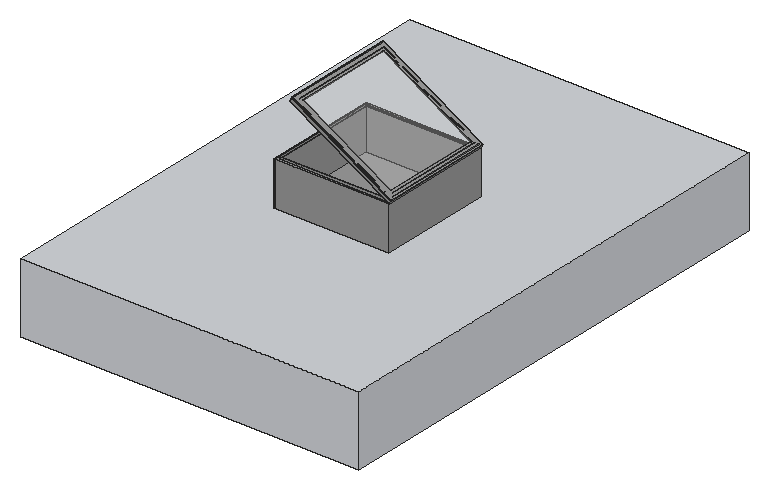
Revit family "Hager-Orion_Inox-IP66-D210-Cl.I-Inox_encl-630A-500mm-CH-en", category Equipement électrique, Revit 2020
Family settings
  Hôte = Face
  Configuration du panneau = Deux colonnes, circuits au sein
  Cote de connecteur circulaire = Utiliser le diamètre
  Type d'élément = Tableau de raccordement
  Couper avec des vides une fois chargée = Non
  Partagée = Non
  Point de calcul de pièce = Non
Parameters (values of type "Surface mounted (plaster) IP66 W500 H500 D210  - FL023TWL")
  Width Control [instance] = if([EF000008 - Width] > Min Width, [EF000008 - Width], Min Width)  # 500 mm
  Commentaires du type = [HG000003 - Range]  # "Orion Inox"
  Thickness Door [instance] = if([EF009171 - Material plate thickness door/cover] > 3 mm, 3 mm, [EF009171 - Material plate thickness door/cover])  # 1.5 mm
  Seal Frame Offset [instance] = 17 mm  # constant formula
  Model = ""
  Min Width [instance] = 100 mm  # constant formula
  Min Height [instance] = 100 mm  # constant formula
  Min Depth [instance] = (2 * [EF009170 - Material plate thickness cabinet]) + 1 mm  # 4 mm
  Internal Frame Depth [instance] = (Door System Depth * 0.5)  # 9 mm
  Height Control [instance] = if([EF000040 - Height] > Min Height, [EF000040 - Height], Min Height)  # 500 mm
  HG000027 - Plinth height = 0 mm
  HG000026 - Floor standing = no
  HG000024 - Bottom section height = 800 mm
  HG000023 - Double section enclosure = no
  HG000016 - Door 3d visibility [instance] = yes
  HG000015 - Clearance visibility [instance] = no
  HG000014 - Door on the right [instance] = yes
  HG000013 - Door on the left [instance] = not([HG000014 - Door on the right])  # no
  HG000012 - Door swing angle [instance] = 30.00°
  HG000010 - Asymmetric doors = no
  HG000009 - Double swing door = no
  HG000006 - Flush mounted = no
  HG000004 - Manufacturer reference = "FL023TWL"
  HG000003 - Range = "Orion Inox"
  HG000002 - With door or cover = yes
  Frame Offset Bottom [instance] = 10 mm  # constant formula
  Frame Offset [instance] = 15 mm  # constant formula
  EF015940 - Cover with overpressure release = no
  EF011959 - Degree of protection (NEMA) = ""
  EF009554 - Number of openings for flange plates = 0
  EF009212 - Cover model = "EV000116 - Closed"
  EF009171 - Material plate thickness door/cover = 1.5 mm
  EF009170 - Material plate thickness cabinet = 1.5 mm
  Fabricant = "Hager"  # constant formula
  EF008873 - Nominal current (In) = 630 A
  EF007800 - Suitable for lightning protection = no
  EF006306 - With lock = yes
  EF006244 - Transparent cover/door = yes
  EF005474 - Degree of protection (IP) = "EV006422 - IP66"
  EF004464 - Type of door = "EV002646 - Single"
  EF004427 - Number of modules = 0
  EF004293 - Impact strength = "EV006814 - IK08"
  EF003532 - Suitable for outdoor use = yes
  EF002950 - Width in number of modular spacings = 0
  EF001613 - Circuit integrity = "EV000494 - None"
  EF001596 - Material housing = "EV000166 - Stainless steel"
  EF001131 - Internal depth = 176 mm
  EF001088 - Extension possible = yes
  EF000437 - Number of conduit inlets = 0
  EF000339 - Type of cover = "EV004216 - Door"
  EF000266 - Number of rows = 0
  EF000218 - Built-in depth = 0 mm
  EF000118 - With mounting plate = no
  EF000116 - RAL-number = ""
  EF000049 - Depth = 210 mm
  EF000040 - Height = 500 mm
  EF000008 - Width = 500 mm
  EF000007 - Colour = "EV000154 - Other"
  EF000003 - Mounting method = "EV000384 - Surface mounted (plaster)"
  Door System Leaf Tolerance [instance] = 1.5 mm  # constant formula
  Door System Depth [instance] = 18 mm  # constant formula
  Depth Control [instance] = if([EF000049 - Depth] > Min Depth, [EF000049 - Depth], Min Depth)  # 210 mm
  Default Elevation = 0 mm
Types (8, lengths in mm): name | Width Control | HG000004 - Manufacturer reference | EF009212 - Cover model | EF006306 - With lock | EF006244 - Transparent cover/door | EF004293 - Impact strength | EF001613 - Circuit integrity | EF000008 - Width
  Surface mounted (plaster) IP66 W400 H500 D210  - FL021BW | 400 | "FL021BW" | "EV009916 - With notch" | no | no | "EV008784 - IK10" | "" | 400
  Surface mounted (plaster) IP66 W400 H500 D210  - FL021BWL | 400 | "FL021BWL" | "EV009916 - With notch" | no | no | "EV008784 - IK10" | "" | 400
  Surface mounted (plaster) IP66 W400 H500 D210  - FL021TW | 400 | "FL021TW" | "EV000116 - Closed" | yes | yes | "EV006814 - IK08" | "EV000494 - None" | 400
  Surface mounted (plaster) IP66 W400 H500 D210  - FL021TWL | 400 | "FL021TWL" | "EV000116 - Closed" | yes | yes | "EV006814 - IK08" | "EV000494 - None" | 400
  Surface mounted (plaster) IP66 W500 H500 D210  - FL023BW | 500 | "FL023BW" | "EV000116 - Closed" | yes | no | "EV008784 - IK10" | "EV000494 - None" | 500
  Surface mounted (plaster) IP66 W500 H500 D210  - FL023BWL | 500 | "FL023BWL" | "EV000116 - Closed" | yes | no | "EV008784 - IK10" | "EV000494 - None" | 500
  Surface mounted (plaster) IP66 W500 H500 D210  - FL023TW | 500 | "FL023TW" | "EV000116 - Closed" | yes | yes | "EV006814 - IK08" | "EV000494 - None" | 500
  Surface mounted (plaster) IP66 W500 H500 D210  - FL023TWL | 500 | "FL023TWL" | "EV000116 - Closed" | yes | yes | "EV006814 - IK08" | "EV000494 - None" | 500
Reference planes
  plane 1 "Center (Front/Back)": y = 0
  plane 2: z = 0
  plane 3 "Center (Left/Right)": x = 0
  plane 4: z = 210
  plane 5: y = 1.5
  plane 6: y = 250
  plane 7: y = 0
  plane 8: y = 500
  plane 9: z = 0
  plane 10: x = -235
  plane 11: x = 235
  plane 12: x = 233.5
  plane 13: x = -233.5
  plane 14: y = 498.5
  plane 15: x = -233
  plane 16: x = -250
  plane 17: x = 233
  plane 18: x = 250
  plane 19: x = 248.5
  plane 20: x = -248.5
  plane 21: y = 11.5
  plane 22: y = 500
  plane 23: y = 483.5
  plane 24: z = 192
  plane 25: z = 1.5
  plane 26: z = 190.5
  plane 27: z = 208.5
Forms (mm)
  Extrusion 1, solid
    sketch origin (0, 0, 0) x (1, 0, 0) y (0, 1, 0)
      loop
        line (-702.964, 1305) -> (-702.964, -811.445) -> (766.763, -811.445) -> (766.763, 1305) -> (-702.964, 1305)
    from 0 to -304.8
  Extrusion 2, solid, material "Hager_Stainless_Steel", detail levels medium+fine
    sketch origin (0, 0, 0) x (1, 0, 0) y (0, 1, 0)
      loop
        line (-250, 0) -> (250, 0) -> (250, 500) -> (-250, 500) -> (-250, 0)
    from 0 to 192
  Extrusion 3, solid, material "Hager_Steel_RAL 7035_Light_Grey", not visible, detail levels medium+fine
    sketch origin (0, 28.16, 50.802) x (0, 1, 0) y (0, 0, 1)
      loop
        line (273.34, -50.802) -> (273.34, 147.698)
        arc (273.34, 147.698) -> (270.411, 154.769) -> (263.34, 157.698) r 10
        line (263.34, 157.698) -> (233.34, 157.698) -> (233.34, -50.802) -> (273.34, -50.802)
    from -248.5 to 248.5
  Extrusion 4, void
    sketch origin (0, 0, 0) x (1, 0, 0) y (0, 1, 0)
      loop
        line (-248.5, 1.5) -> (248.5, 1.5) -> (248.5, 498.5) -> (-248.5, 498.5) -> (-248.5, 1.5)
    from 1.5 to 190.5
  Extrusion 5, void
    sketch origin (-381.607, -4572, 192) x (0, -1, 0) y (-1, 0, 0)
      loop
        line (-4583.5, -148.107) -> (-5055.5, -148.107) -> (-5055.5, -615.107) -> (-4583.5, -615.107) -> (-4583.5, -148.107)
    from 0 to 1.5 <- "EF009170 - Material plate thickness cabinet"
  Extrusion 6, solid, material "Hager_Stainless_Steel", detail levels fine
    sketch origin (-381.607, -4572, 192) x (-1, 0, 0) y (0, -1, 0)
      loop
        line (-148.107, -4583.5) -> (-615.107, -4583.5) -> (-615.107, -5055.5) -> (-148.107, -5055.5) -> (-148.107, -4583.5)
      loop
        line (-147.107, -4582) -> (-616.107, -4582) -> (-616.107, -5057) -> (-147.107, -5057) -> (-147.107, -4582)
    from 0 to 9 <- "Internal Frame Depth"
  Extrusion 7, solid, material "Hager_Stainless_Steel", detail levels coarse
    sketch origin (0, 0, 0) x (1, 0, 0) y (0, 1, 0)
      loop
        line (-250, 0) -> (250, 0) -> (250, 500) -> (-250, 500) -> (-250, 0)
    from 0 to 210
Cuts and joins
  Extrusion 4, Extrusion 5 cuts Extrusion 2
Lines and regions (mm)
  Masking region 1
    outline origin (0, 0, 0) x (1, 0, 0) y (0, 0, 1)
      loop
        line (-250, 210) -> (-250, 0) -> (250, 0) -> (250, 210) -> (-250, 210)
  Masking region 2, detail levels medium+fine
    outline origin (0, 140, 0) x (0, 1, 0) y (0, 0, 1)
      loop
        line (-140, 0) -> (360, 0) -> (360, 192) -> (-140, 192) -> (-140, 0)
  Masking region 3, not visible, detail levels medium+fine
    outline origin (0, 297.922, 0) x (0, 1, 0) y (0, 0, 1)
      loop
        line (-36.422, 0) -> (3.578, 0) -> (3.578, 198.5)
        arc (3.578, 198.5) -> (0.649, 205.571) -> (-6.422, 208.5) r 10
        line (-6.422, 208.5) -> (-36.422, 208.5) -> (-36.422, 0)
  Masking region 4, detail levels coarse
    outline origin (0, 0, 180) x (0, 1, 0) y (0, 0, 1)
      loop
        line (0, -180) -> (500, -180) -> (500, 30) -> (0, 30) -> (0, -180)
  Masking region 5
    outline origin (-381.607, -4572, 192) x (-1, 0, 0) y (0, -1, 0)
      loop
        line (-131.607, -5072) -> (-131.607, -4572) -> (-631.607, -4572) -> (-631.607, -5072) -> (-131.607, -5072)
Dimensions and locks
  "Depth Control": plane 4 to Extrusion 1
  "EF009170 - Material plate thickness cabinet": plane 5 to plane 7
  locked: connector elem to plane 3 "Center (Left/Right)"
  equal spacing: plane 8, plane 6, plane 7
  locked: connector elem to plane 6
  "EF009170 - Material plate thickness cabinet": plane 8 to plane 14
  "EF009170 - Material plate thickness cabinet": plane 10 to plane 13
  "EF009170 - Material plate thickness cabinet": plane 12 to plane 11
  "Frame Offset": plane 20 to plane 13
  "Frame Offset": plane 12 to plane 19
  "EF009170 - Material plate thickness cabinet": plane 16 to plane 20
  "EF009170 - Material plate thickness cabinet": plane 19 to plane 18
  "Seal Frame Offset": plane 16 to plane 15
  "Seal Frame Offset": plane 17 to plane 18
  "Frame Offset Bottom": plane 21 to plane 5
  "Frame Offset": plane 14 to plane 23
  equal spacing: plane 16, plane 3 "Center (Left/Right)", plane 18
  "Width Control": plane 16 to plane 18
  "EF009170 - Material plate thickness cabinet": plane 4 to plane 27
  "EF009170 - Material plate thickness cabinet": plane 24 to plane 26
  "EF009170 - Material plate thickness cabinet": plane 25 to level
  "Door System Depth": plane 4 to plane 24
  "Height Control": plane 1 "Center (Front/Back)" to Extrusion 7 sketch curve
  "Height Control": Masking region 4 sketch curve to plane 1 "Center (Front/Back)"
  "Thickness Door": Extrusion 6 sketch curve to plane 15
  "Thickness Door": plane 21 to Extrusion 6 sketch curve
  "Thickness Door": plane 17 to Extrusion 6 sketch curve
  "Thickness Door": Extrusion 6 sketch curve to plane 23
  "Height Control": plane 1 "Center (Front/Back)" to plane 22
  radius of Masking region 3 sketch curve = 10 mm
  radius of Extrusion 3 sketch curve = 10 mm
  aligned and locked: plane 2 to Extrusion 1
  aligned and locked: level to Extrusion 1
  aligned and locked: level to Masking region 1 sketch curve
  aligned and locked: Masking region 1 sketch curve to plane 18
  aligned and locked: Masking region 1 sketch curve to plane 16
  aligned and locked: plane 7 to Masking region 2 sketch curve
  aligned and locked: level to Masking region 3 sketch curve
  aligned and locked: Masking region 3 sketch curve to plane 27
  aligned and locked: level to Masking region 2 sketch curve
  aligned and locked: Extrusion 2 sketch curve to plane 7
  aligned and locked: plane 16 to Extrusion 2 sketch curve
  aligned and locked: plane 18 to Extrusion 2 sketch curve
  aligned and locked: Extrusion 3 sketch curve to level
  aligned and locked: plane 27 to Extrusion 3 sketch curve
  aligned and locked: plane 20 to Extrusion 3
  aligned and locked: plane 19 to Extrusion 3
  aligned and locked: plane 20 to Extrusion 4 sketch curve
  aligned and locked: plane 19 to Extrusion 4 sketch curve
  aligned and locked: Extrusion 4 sketch curve to plane 5
  aligned and locked: Extrusion 4 to plane 25
  aligned and locked: plane 26 to Extrusion 4
  aligned and locked: plane 24 to Extrusion 2
  aligned and locked: Extrusion 5 sketch curve to plane 21
  aligned and locked: Extrusion 5 sketch curve to plane 13
  aligned and locked: Extrusion 5 sketch curve to plane 12
  aligned and locked: plane 18 to Extrusion 7 sketch curve
  aligned and locked: plane 1 "Center (Front/Back)" to Extrusion 7 sketch curve
  aligned and locked: plane 16 to Extrusion 7 sketch curve
  aligned and locked: plane 4 to Extrusion 7
  aligned and locked: Extrusion 7 to level
  aligned and locked: level to Masking region 4 sketch curve
  aligned and locked: Masking region 4 sketch curve to plane 1 "Center (Front/Back)"
  aligned and locked: Masking region 4 sketch curve to plane 4
  aligned and locked: nested 1 to level
  aligned and locked: nested 1 to plane 16
  aligned and locked: plane 8 to Extrusion 2 sketch curve
  aligned and locked: plane 23 to Extrusion 5 sketch curve
  aligned and locked: plane 14 to Extrusion 4 sketch curve
  aligned and locked: Extrusion 6 sketch curve to plane 21
  aligned and locked: plane 13 to Extrusion 6 sketch curve
  aligned and locked: plane 23 to Extrusion 6 sketch curve
  aligned and locked: plane 12 to Extrusion 6 sketch curve
  aligned and locked: Masking region 2 sketch curve to plane 8
  aligned and locked: Masking region 2 sketch curve to plane 24
  aligned and locked: nested 2 to plane 3 "Center (Left/Right)"
  aligned and locked: nested 2 to plane 24
  aligned and locked: Masking region 5 sketch curve to plane 1 "Center (Front/Back)"
  aligned and locked: Masking region 5 sketch curve to plane 18
  aligned and locked: Masking region 5 sketch curve to plane 22
  aligned and locked: Masking region 5 sketch curve to plane 16
  aligned and locked: plane 8 to plane 22
  aligned and locked: plane 7 to plane 1 "Center (Front/Back)"
  aligned and locked: nested 2 to plane 1 "Center (Front/Back)"
Automatic sketch dimensions
  Extrusion 1 sketch curve to Extrusion 1 sketch curve = 1469.727 mm
  Extrusion 1 sketch curve to Extrusion 1 sketch curve = 2116.445 mm
  plane 6 to Masking region 3 sketch curve = 11.5 mm
  Masking region 3 sketch curve to Masking region 3 sketch curve = 30 mm
  plane 6 to Extrusion 3 sketch curve = 11.5 mm
  Extrusion 3 sketch curve to Extrusion 3 sketch curve = 30 mm
  Masking region 1 sketch curve to plane 4 = 0 mm
Nested families
  nested 1: "Hager_Enclosure_Symbol" at (-250, 0, 0) x (1, 0, 0) z (0, -1, 0), Height <- "Depth Control", Width <- "Width Control", type "Hager_Enclosure_Symbol"
    with Width_Ctrl 500 mm, Width 500 mm, Height_Ctrl 210 mm, Height 210 mm, A_Width_Int 13.781 mm, A_Width 165.375 mm, A_Height_Ctrl 183.75 mm, A_Height 183.75 mm
  nested 2: "EC000058_OrionInox_Door" at (0, 500, 192) x (1, 0, 0) z (0, -1, 0), Leaf_Tolerance <- "Door System Leaf Tolerance", Angle <- "HG000012 - Door swing angle", Door_Depth <- "Door System Depth", Door_Left <- "HG000013 - Door on the left", Transparent <- "EF006244 - Transparent cover/door", Assymetrical <- "HG000010 - Asymmetric doors", Width <- "Width Control", Clearance <- "HG000015 - Clearance visibility", Double <- "HG000009 - Double swing door", 3d_Door <- "HG000016 - Door 3d visibility", Width_Ctrl <- "Width Control", Door_Right <- "HG000014 - Door on the right", Door <- "HG000002 - With door or cover", Height <- "Height Control", Thickness <- "Thickness Door", type "EC000058_OrionInox_Door", detail levels medium+fine
    with min_wh 4 mm, Width_Ctrl 500 mm, Width 500 mm, Transparent yes, Thickness 1.5 mm, Seal_Material Hager_Rubber, Leaf_Width 500 mm, Leaf_Tolerance_External_Sides 0 mm, Leaf_Tolerance 1.5 mm, Leaf_Offset 0 mm, Leaf_Height 497 mm, Leaf_2_Width 500 mm, Leaf_2_Offset 250 mm, Leaf_1_Width 500 mm, Leaf_1_Offset 250 mm, Height_Ctrl 500 mm, Height 500 mm, Glass_Material Hager_Glass, Double_Clearance_Ctrl no, Double no, Door_Right_Ctrl yes, Door_Right yes, Door_Material Hager_Stainless_Steel, Door_Left_Ctrl no, Door_Left no, Door_Depth 18 mm, Door yes, Clearance_Material Hager_Clearance, Clearance_Depth 500 mm, Clearance_Ctrl no, Clearance no, Assymetrical no, Angle 30.00°, 3d_Door yes
Connectors
  electrical at (0, 250, 0)
    settings: on plane 9, index 1, voltage 0 V, apparent load 0 VA, apparent load phase1 0 VA, apparent load phase2 0 VA, apparent load phase3 0 VA, power factor 1, load classification "Other", number of poles 1, system type 30, power factor state 1, is connector primary yes, connector utility no, sub classification motor no, connector description ""
Definition of nested family "EC000058_OrionInox_Door"
  Parameters (values of type "EC000058_OrionInox_Door")
    min_wh [instance] = (2 * Thickness) + 1 mm  # 11 mm
    Width_Ctrl [instance] = 400 mm
    Width [instance] = 500 mm
    Transparent [instance] = yes
    Thickness [instance] = 5 mm
    Seal_Material [instance] = none
    Leaf_Width [instance] = if((Width_Ctrl - 2 * Leaf_Tolerance_External_Sides) > 0 mm, (Width_Ctrl - 2 * Leaf_Tolerance_External_Sides), min_wh)  # 400 mm
    Leaf_Tolerance_External_Sides [instance] = 0 mm  # constant formula
    Leaf_Tolerance [instance] = 1.5 mm
    Leaf_Offset [instance] = 0 mm  # constant formula
    Leaf_Height [instance] = if((Height_Ctrl - 2 * Leaf_Tolerance) > 0 mm, (Height_Ctrl - 2 * Leaf_Tolerance), min_wh)  # 497 mm
    Leaf_2_Width [instance] = if(and(and(Double, Assymetrical), Door_Left), (Leaf_Width / 3) - (Leaf_Tolerance / 2), if(and(and(Double, Assymetrical), Door_Right), (Leaf_Width / 3) * 2 - (Leaf_Tolerance / 2), if(and(Double, not(Assymetrical)), (Leaf_Width / 2) - Leaf_Tolerance, Leaf_Width)))  # 400 mm
    Leaf_2_Offset [instance] = if(and(Double, Assymetrical), Leaf_2_Width / 2, if(and(Double, not(Assymetrical)), Leaf_Width / 4, Leaf_Width / 2))  # 200 mm
    Leaf_1_Width [instance] = if(and(and(Double, Assymetrical), Door_Right), (Leaf_Width / 3) - (Leaf_Tolerance / 2), if(and(and(Double, Assymetrical), Door_Left), (Width / 3) * 2 - (Leaf_Tolerance / 2), if(and(Double, not(Assymetrical)), (Leaf_Width / 2) - Leaf_Tolerance, Leaf_Width)))  # 400 mm
    Leaf_1_Offset [instance] = if(and(Double, Assymetrical), Leaf_1_Width / 2, if(and(Double, not(Assymetrical)), Leaf_Width / 4, Leaf_Width / 2))  # 200 mm
    Height_Ctrl [instance] = if(Height > min_wh, Height, min_wh)  # 500 mm
    Height [instance] = 500 mm
    Glass_Material [instance] = none
    Double_Clearance_Ctrl [instance] = and(Double, Clearance)  # no
    Double [instance] = no
    Door_Right_Ctrl [instance] = and(or(Door_Right, Double), Door)  # yes
    Door_Right [instance] = yes
    Door_Material [instance] = none
    Door_Left_Ctrl [instance] = and(or(Door_Left, Double), Door)  # no
    Door_Left [instance] = no
    Door_Depth [instance] = 30 mm
    Door [instance] = yes
    Default Elevation = 1219.2 mm
    Clearance_Material [instance] = none
    Clearance_Depth [instance] = if(Leaf_1_Width > Leaf_2_Width, Leaf_1_Width, Leaf_2_Width)  # 400 mm
    Clearance_Ctrl [instance] = and(not(Double), Clearance)  # yes
    Clearance [instance] = yes
    Assymetrical [instance] = yes
    Angle [instance] = 30.00°
    3d_Door [instance] = yes
  Reference planes
    plane 1 "Center (Front/Back)": y = 0
    plane 2 "Bottom": z = 0
    plane 3 "Center (Left/Right)": x = 0
    plane 4: z = 500
    plane 5: x = -200
    plane 6: x = 200
    plane 7: z = 500
    plane 8: x = -200
    plane 9: z = 0
    plane 10: x = 200
    plane 11: y = 0
    plane 12: z = 1.5
    plane 13: x = -600
    plane 14: y = -400
    plane 15: x = 600
    plane 16: x = 0
    plane 17: x = 0
    plane 18: x = -200
    plane 19: x = 200
    plane 20: z = 498.5
  Forms (mm)
    Extrusion 1, solid, material <- "Clearance_Material", visible <- "Double_Clearance_Ctrl"
      sketch origin (1200, 0, 0) x (1, 0, 0) y (0, 0, -1)
        loop
          line (-1800, -498.5) -> (-600, -498.5) -> (-600, 0) -> (-1800, 0) -> (-1800, -498.5)
      from 0 to -400
  Dimensions and locks
    equal spacing: plane 5, plane 3 "Center (Left/Right)", plane 6
    "Width_Ctrl": plane 5 to plane 6
    "Leaf_Offset": plane 5 to plane 8
    "Leaf_Offset": plane 6 to plane 10
    "Leaf_Offset": plane 9 to level
    "Leaf_Offset": plane 4 to plane 7
    "Height_Ctrl": plane 4 to level
    "Leaf_Tolerance": plane 12 to plane 9
    locked: plane 11 to plane 1 "Center (Front/Back)"
    "Leaf_1_Offset": plane 18 to plane 16
    "Leaf_2_Offset": plane 17 to plane 19
    "Leaf_1_Width": plane 13 to plane 8
    "Leaf_2_Width": plane 10 to plane 15
    "Clearance_Depth": plane 14 to plane 1 "Center (Front/Back)"
    "Leaf_Tolerance_External_Sides": plane 8 to plane 18
    "Leaf_Tolerance_External_Sides": plane 19 to plane 10
    "Leaf_Tolerance": plane 7 to plane 20
    aligned and locked: level to plane 2 "Bottom"
    aligned and locked: nested 1 to plane 16
    aligned and locked: nested 2 to plane 17
    aligned and locked: Extrusion 1 to plane 13
    aligned and locked: plane 15 to Extrusion 1
    aligned and locked: Extrusion 1 to plane 14
    aligned and locked: plane 12 to nested 1
    aligned and locked: nested 2 to plane 12
    aligned and locked: Extrusion 1 to plane 11
    aligned and locked: plane 20 to Extrusion 1
    aligned and locked: nested 2 to plane 11
    aligned and locked: nested 1 to plane 11
  Automatic sketch dimensions
    Extrusion 1 sketch curve to level = 0 mm
    plane 5 to Extrusion 1 sketch curve = 400 mm
    plane 6 to Extrusion 1 sketch curve = 400 mm
    Extrusion 1 sketch curve to plane 4 = 1.5 mm
  Nested families
    nested 1: "EC000058_OrionInox_Door_Leaf" at (0, 0, 1.5), Width <- "Leaf_1_Width", visible <- "Door_Left_Ctrl", Leaf_Height <- "Leaf_Height", Angle <- "Angle", 3d_Door <- "3d_Door", Transparent <- "Transparent", Clearance Material <- "Clearance_Material", Clearance <- "Clearance_Ctrl", Door_Material <- "Door_Material", Glass_Material <- "Glass_Material", Door_Depth <- "Door_Depth", Seal_Material <- "Seal_Material", Thickness <- "Thickness", type "EC000058_OrionInox_Door_Leaf"
      with Width 400 mm, Transparent_Ctrl yes, Transparent yes, Thickness 5 mm, Standard no, Seal_Material none, Seal_D2 8 mm, Seal_D1 1 mm, Offset_Internal_Frame 10 mm, Lock_Width 28 mm, Lock_Thickness 2 mm, Lock_Radius 6 mm, Leaf_Height 497 mm, Internal_Seal_Thickness 8 mm, Internal_Seal_Depth_2 4.5 mm, Internal_Frame_Depth 25 mm, Glass_Thickness -1 mm, Glass_Offset -2 mm, Glass_Material none, Door_Material none, Door_Depth 30 mm, Clearance Material none, Clearance yes, Angle_Ctrl 30.00°, Angle 30.00°, 3d_Door yes
    nested 2: "EC000058_OrionInox_Door_Leaf" at (0, 0, 1.5) x (-1, 0, 0) z (0, 0, 1), Width <- "Leaf_2_Width", visible <- "Door_Right_Ctrl", Leaf_Height <- "Leaf_Height", Angle <- "Angle", 3d_Door <- "3d_Door", Transparent <- "Transparent", Clearance Material <- "Clearance_Material", Clearance <- "Clearance_Ctrl", Door_Material <- "Door_Material", Glass_Material <- "Glass_Material", Door_Depth <- "Door_Depth", Seal_Material <- "Seal_Material", Thickness <- "Thickness", type "EC000058_OrionInox_Door_Leaf"
      with Width 400 mm, Transparent_Ctrl yes, Transparent yes, Thickness 5 mm, Standard no, Seal_Material none, Seal_D2 8 mm, Seal_D1 1 mm, Offset_Internal_Frame 10 mm, Lock_Width 28 mm, Lock_Thickness 2 mm, Lock_Radius 6 mm, Leaf_Height 497 mm, Internal_Seal_Thickness 8 mm, Internal_Seal_Depth_2 4.5 mm, Internal_Frame_Depth 25 mm, Glass_Thickness -1 mm, Glass_Offset -2 mm, Glass_Material none, Door_Material none, Door_Depth 30 mm, Clearance Material none, Clearance yes, Angle_Ctrl 30.00°, Angle 30.00°, 3d_Door yes
  Definition of nested family "EC000058_OrionInox_Door_Leaf"
    Parameters (values of type "EC000058_OrionInox_Door_Leaf")
      Width [instance] = 450 mm
      Transparent_Ctrl [instance] = and(Transparent, [3d_Door])  # yes
      Transparent [instance] = yes
      Thickness [instance] = 5 mm
      Standard [instance] = and(not(Transparent), [3d_Door])  # no
      Seal_Material [instance] = none
      Seal_D2 [instance] = 8 mm  # constant formula
      Seal_D1 [instance] = 1 mm  # constant formula
      Offset_Internal_Frame [instance] = 10 mm  # constant formula
      Lock_Width [instance] = Door_Depth - Lock_Thickness  # 28 mm
      Lock_Thickness [instance] = 2 mm  # constant formula
      Lock_Radius [instance] = 6 mm  # constant formula
      Leaf_Height [instance] = 450 mm
      Internal_Seal_Thickness [instance] = 8 mm  # constant formula
      Internal_Seal_Depth_2 [instance] = 4.5 mm  # constant formula
      Internal_Frame_Depth [instance] = if(Door_Depth - Thickness > 5 mm, Door_Depth - Thickness, 5 mm)  # 25 mm
      Glass_Thickness [instance] = if(Thickness > 15 mm, Glass_Offset + 10 mm, -1 mm)  # -1 mm
      Glass_Offset [instance] = if(Thickness > 15 mm, -(Thickness + 10 mm) / 2, -2 mm)  # -2 mm
      Glass_Material [instance] = none
      Door_Material [instance] = none
      Door_Depth [instance] = 30 mm
      Default Elevation = 0 mm
      Clearance Material [instance] = none
      Clearance [instance] = yes
      Angle_Ctrl [instance] = if(Angle > 180.00°, 180.00°, Angle)  # 90.00°
      Angle [instance] = 90.00°
      3d_Door [instance] = yes
    Reference planes
      plane 1 "Center (Front/Back)": y = 0
      plane 2: z = 0
      plane 3 "Center (Left/Right)": x = 0
      plane 4: y = 450
      plane 5: x = -225
      plane 6: x = 225
      plane 7: x = -675
      plane 8: z = 450
      plane 9: z = 30
      plane 10: z = 420
      plane 11: x = 195
      plane 12: x = -195
      plane 13: y = -3
      plane 14: z = 107.833
      plane 15: y = -5
      plane 16: y = -223.314
      plane 17: x = -225
      plane 18: y = 30
    Forms (mm)
      Extrusion 1, solid, material <- "Clearance Material", visible <- "Clearance"
        sketch origin (0, 0, 0) x (1, 0, 0) y (0, 0, 1)
          loop
            line (-675, 450) -> (-675, 0) -> (225, 0) -> (225, 450) -> (-675, 450)
        from 0 to -450
      Extrusion 2, solid, material <- "Door_Material", visible <- "Standard", detail levels medium+fine
        sketch origin (-225, 0, 0) x (0, 1, 0) y (-1, 0, 0)
          loop
            line (0, 30) -> (0, 25) -> (450, 25) -> (450, 30) -> (0, 30)
        from 0 to 450 <- "Leaf_Height"
      Extrusion 3, solid, material <- "Door_Material", visible <- "Transparent_Ctrl", detail levels medium+fine
        sketch origin (-225, 0, 0) x (0, 1, 0) y (-1, 0, 0)
          loop
            line (0, 25) -> (450, 25) -> (450, 30) -> (0, 30) -> (0, 25)
        from 0 to 450 <- "Leaf_Height"
      Extrusion 4, void
        sketch origin (-250, 450, 0) x (0, 1, 0) y (0, 0, -1)
          loop
            line (-30, -420) -> (-30, -30) -> (-420, -30) -> (-420, -420) -> (-30, -420)
        from 0 to 5 <- "Thickness"
      Sweep 5, solid, material <- "Seal_Material", visible <- "Transparent_Ctrl", detail levels fine
        path in 3D
          loop
            line (-250, 30, 30) -> (-250, 30, 420) -> (-250, 420, 420) -> (-250, 420, 30) -> (-250, 30, 30)
        profile origin (-250, 225, 30) x (1, 0, 0) y (0, 0, 1)
          loop
            line (0, 0) -> (0, -8) -> (1, -8) -> (1, 0) -> (0, 0)
      Extrusion 6, solid, material <- "Glass_Material", visible <- "Transparent_Ctrl", detail levels medium+fine
        sketch origin (-255, 0, 0) x (0, 1, 0) y (0, 0, -1)
          loop
            line (420, -420) -> (420, -30) -> (30, -30) -> (30, -420) -> (420, -420)
        from -2 <- "Glass_Offset" to -1 <- "Glass_Thickness"
      Extrusion 7, solid, material <- "Door_Material", visible <- "3d_Door", detail levels medium+fine
        sketch origin (-250, 450, 0) x (0, -1, 0) y (0, 0, -1)
          loop
            line (0, -450) -> (450, -450) -> (450, 0) -> (0, 0) -> (0, -450)
          loop
            line (445, -5) -> (5, -5) -> (5, -445) -> (445, -445) -> (445, -5)
        from 0 to 25 <- "Internal_Frame_Depth"
      Sweep 8, solid, material <- "Seal_Material", visible <- "Transparent_Ctrl", detail levels fine
        path in 3D
          loop
            line (-250, 0, 0) -> (-250, 450, 0) -> (-250, 450, 450) -> (-250, 0, 450) -> (-250, 0, 0)
        profile origin (-250, 0, 225) x (1, 0, 0) y (0, 1, 0)
          loop
            line (0, 10) -> (2.975, 10)
            arc (2.975, 10) -> (4.053, 10.447) -> (4.5, 11.525) r 1.525
            line (4.5, 11.525) -> (4.5, 16.527)
            arc (4.5, 16.527) -> (4.069, 17.569) -> (3.027, 18) r 1.473
            line (3.027, 18) -> (0, 18) -> (0, 10)
    Cuts and joins
      Extrusion 4 cuts Extrusion 3
    Lines and regions (mm)
      Masking region 1, detail levels medium+fine
        outline origin (0, 0, 0) x (0, 1, 0) y (0, 0, 1)
          loop
            line (0, 0) -> (30, 0) -> (30, 450) -> (0, 450) -> (0, 0)
      Masking region 2, detail levels medium+fine
        outline origin (0, 0, 0) x (1, 0, 0) y (0, 0, 1)
          loop
            line (-225, 450) -> (-225, 0) -> (225, 0) -> (225, 450) -> (-225, 450)
      symbolic lines
        curve 1: line (225, 0, 0) -> (-675, 0, 0)
        curve 2: arc (225, 0, 0) -> (-225, 450, 0) -> (-675, 0, 0) r 450
        curve 4: line (-255, 0, 0) -> (-255, 450, 0)
      reference lines
        curve 3: line (-225, 0, 0) -> (-225, 450, 0)
      symbolic lines, detail levels medium+fine
        curve 5: line (-255, 450, 0) -> (-250, 450, 0)
        curve 7: line (-250, 0, 0) -> (-255, 0, 0)
        curve 8: line (-250, 0, 0) -> (-225, 0, 0)
        curve 9: line (-225, 0, 0) -> (-225, 450, 0)
        curve 10: line (-225, 450, 0) -> (-250, 450, 0)
      symbolic lines, detail levels fine
        curve 6: line (-250, 450, 0) -> (-250, 0, 0)
      sketch lines
        curve 11: line (-250, 0, 450) -> (-250, 0, 0)
        curve 12: line (-250, 450, 0) -> (-250, 0, 0)
        curve 13: line (-250, 450, 450) -> (-250, 450, 0)
        curve 14: line (-250, 0, 450) -> (-250, 450, 450)
        curve 15: line (-250, 420, 30) -> (-250, 30, 30)
        curve 16: line (-250, 30, 30) -> (-250, 30, 420)
        curve 17: line (-250, 420, 420) -> (-250, 420, 30)
        curve 18: line (-250, 30, 420) -> (-250, 420, 420)
      symbolic lines, visible <- "Transparent", detail levels medium+fine
        curve 19: line (-195, 0, 420) -> (195, 0, 420)
        curve 20: line (-195, 0, 30) -> (-195, 0, 420)
        curve 21: line (195, 0, 30) -> (-195, 0, 30)
        curve 22: line (195, 0, 420) -> (195, 0, 30)
    Dimensions and locks
      "Width": plane 1 "Center (Front/Back)" to plane 4
      equal spacing: plane 5, plane 3 "Center (Left/Right)", plane 6
      "Width": plane 5 to plane 6
      "Width": plane 7 to plane 5
      "Leaf_Height": plane 8 to level
      "Width": curve 5 to curve 3
      "Width": curve 3 to curve 3
      plane 8 to plane 10 = 30 mm
      plane 9 to level = 30 mm
      plane 12 to plane 5 = 30 mm
      plane 6 to plane 11 = 30 mm
      Extrusion 4 sketch curve to Extrusion 3 = 30 mm
      Extrusion 3 to Extrusion 4 sketch curve = 30 mm
      Extrusion 1 to Extrusion 4 sketch curve = 30 mm
      curve 3 to Extrusion 4 sketch curve = 30 mm
      Extrusion 4 sketch curve to cut or joined group of Extrusion 3, Extrusion 4 = 30 mm
      cut or joined group of Extrusion 3, Extrusion 4 to Extrusion 6 sketch curve = 30 mm
      cut or joined group of Extrusion 3, Extrusion 4 to Extrusion 4 sketch curve = 30 mm
      "Thickness": curve 6 to curve 4
      "Thickness": Extrusion 7 sketch curve to Extrusion 7 sketch curve  (x4)
      "Door_Depth": curve 4 to curve 3
      "Offset_Internal_Frame": profile plane to Sweep 8 sketch curve
      "Internal_Seal_Thickness": Sweep 8 sketch curve to Sweep 8 sketch curve
      "Internal_Seal_Depth_2": profile plane to Sweep 8 sketch curve
      "Seal_D1": profile plane to Sweep 5 sketch curve
      "Seal_D2": profile plane to Sweep 5 sketch curve
      "Thickness": Extrusion 2 sketch curve to Extrusion 2 sketch curve
      "Door_Depth": plane 18 to plane 1 "Center (Front/Back)"
      radius of Sweep 8 sketch curve = 1.525 mm
      radius of Sweep 8 sketch curve = 1.473 mm
      "Angle_Ctrl": angle plane 1 "Center (Front/Back)" to curve 3
      aligned and locked: level to plane 2
      aligned and locked: Extrusion 1 to curve 1
      aligned and locked: plane 6 to Extrusion 1
      aligned and locked: plane 1 "Center (Front/Back)" to Extrusion 1
      aligned and locked: plane 4 to Extrusion 1
      aligned and locked: plane 8 to Extrusion 1
      aligned and locked: curve 7 to Extrusion 2 sketch curve
      aligned and locked: curve 5 to Extrusion 2 sketch curve
      aligned and locked: curve 7 to Extrusion 3 sketch curve
      aligned and locked: Extrusion 3 sketch curve to curve 4
      aligned and locked: Extrusion 3 sketch curve to curve 6
      aligned and locked: Extrusion 3 sketch curve to curve 5
      aligned and locked: curve 9 to curve 3
      aligned and locked: Extrusion 7 sketch curve to cut or joined group of Extrusion 3, Extrusion 4  (x4)
      aligned and locked: plane 17 to curve 3
      aligned and locked: plane 1 "Center (Front/Back)" to curve 3
      aligned and locked: plane 17 to plane 5
      aligned and locked: Sweep 8 sketch curve to profile plane
      aligned and locked: Sweep 5 sketch curve to profile plane  (x2)
      aligned and locked: plane 1 "Center (Front/Back)" to Masking region 1 sketch curve
      aligned and locked: plane 18 to Masking region 1 sketch curve
      aligned and locked: level to Masking region 1 sketch curve
      aligned and locked: Masking region 1 sketch curve to plane 8
      aligned and locked: plane 17 to Masking region 2 sketch curve
      aligned and locked: level to Masking region 2 sketch curve
      aligned and locked: Masking region 2 sketch curve to plane 8
      aligned and locked: plane 12 to curve 20
      aligned and locked: plane 10 to curve 19
      aligned and locked: plane 11 to curve 22
      aligned and locked: plane 9 to curve 21
      aligned and locked: Extrusion 2 sketch curve to cut or joined group of Extrusion 3, Extrusion 4
    Automatic sketch dimensions
      plane 1 "Center (Front/Back)" to curve 2 = 0 mm
      curve 2 to plane 5 = 0 mm
      Extrusion 1 sketch curve to level = 0 mm
      Extrusion 1 sketch curve to plane 7 = 0 mm
      Extrusion 1 sketch curve to plane 6 = 0 mm
      Extrusion 1 sketch curve to plane 8 = 0 mm
      Extrusion 3 to Extrusion 6 sketch curve = 30 mm  (x4)
      Masking region 2 sketch curve to plane 6 = 0 mm
      curve 4 to curve 3 = 0 mm
Definition of nested family "Hager_Enclosure_Symbol"
  Parameters (values of type "Hager_Enclosure_Symbol")
    Width_Ctrl [instance] = if(Width > 1 mm, Width, 1 mm)  # 102.27 mm
    Width [instance] = 102.27 mm
    Height_Ctrl [instance] = if(Height > 1 mm, Height, 1 mm)  # 66.5 mm
    A_Width_Int [instance] = if(A_Width / 12 > 2 mm, A_Width / 12, 2 mm)  # 4.364 mm
    A_Width [instance] = if(A_Height_Ctrl * 0.9 > 2 mm, A_Height_Ctrl * 0.9, 2 mm)  # 52.369 mm
    A_Height_Ctrl [instance] = if(A_Height > 2 mm, A_Height, 2 mm)  # 58.188 mm
    Height [instance] = 66.5 mm
    A_Height [instance] = Height - (Height / 8)  # 58.188 mm
  Reference planes
    plane 1 "Centre (avant/arrière)": y = 0
    plane 2: z = 0
    plane 3 "Centre (gauche/droite)": x = 0
    plane 4: x = 52.369
    plane 5: y = 33.042
    plane 6: y = 41.77
    plane 7: y = 66.5
    plane 8: x = 26.184
    plane 9: y = 37.406
    plane 10: x = 102.27
    plane 11: y = 66.5
    plane 12: y = 8.313
  Lines and regions (mm)
    Filled region 1, type "Solid_Black", in view "Niveau de réf."
      outline origin (0, 0, 0) x (1, 0, 0) y (0, 1, 0)
        loop
          line (52.369, 66.5) -> (33.188, 54.536) -> (45.365, 45.006) -> (52.369, 66.5)
    Filled region 2, type "Solid_Black", in view "Niveau de réf."
      outline origin (0, 0, 0) x (1, 0, 0) y (0, 1, 0)
        loop
          line (0, 0) -> (102.27, 0) -> (102.27, 66.5) -> (0, 0)
    detail lines, in view "Niveau de réf."
      curve 1: line (0, 8.313, 0) -> (26.184, 41.77, 0)
      curve 2: line (26.184, 41.77, 0) -> (26.184, 33.042, 0)
      curve 3: line (26.184, 33.042, 0) -> (52.369, 66.5, 0)
  Dimensions and locks
    "A_Width": plane 3 "Centre (gauche/droite)" to plane 4
    equal spacing: plane 3 "Centre (gauche/droite)", plane 8, plane 4
    equal spacing: plane 6, plane 9, plane 5
    equal spacing: curve 3, Filled region 1 sketch curve, Filled region 1 sketch curve
    "Height_Ctrl": plane 1 "Centre (avant/arrière)" to plane 11
    "A_Height_Ctrl": plane 11 to plane 12
    equal spacing: plane 11, plane 9, plane 12
    "A_Width_Int": plane 6 to plane 9
    "Width_Ctrl": plane 3 "Centre (gauche/droite)" to plane 10
    angle Filled region 1 sketch curve to curve 3 = 20.00°
    angle curve 3 to Filled region 1 sketch curve = 20.00°
    locked: curve 3 to Filled region 1 sketch curve (angle 90.00°)
    aligned and locked: plane 10 to Filled region 2
    aligned and locked: plane 11 to Filled region 2 sketch curve
    aligned and locked: plane 10 to Filled region 2 sketch curve
    aligned and locked: plane 3 "Centre (gauche/droite)" to curve 1
    aligned and locked: plane 12 to curve 1
    aligned and locked: plane 7 to plane 11
  Automatic sketch dimensions
    Filled region 1 sketch curve to plane 4 = 0 mm
    Filled region 1 sketch curve to plane 7 = 0 mm
    plane 1 "Centre (avant/arrière)" to Filled region 2 sketch curve = 0 mm
    Filled region 2 sketch curve to plane 3 "Centre (gauche/droite)" = 0 mm
    curve 2 to plane 6 = 0 mm
    curve 2 to plane 8 = 0 mm
    curve 3 to plane 4 = 0 mm
    curve 2 to plane 5 = 0 mm
    curve 3 to plane 7 = 0 mm
